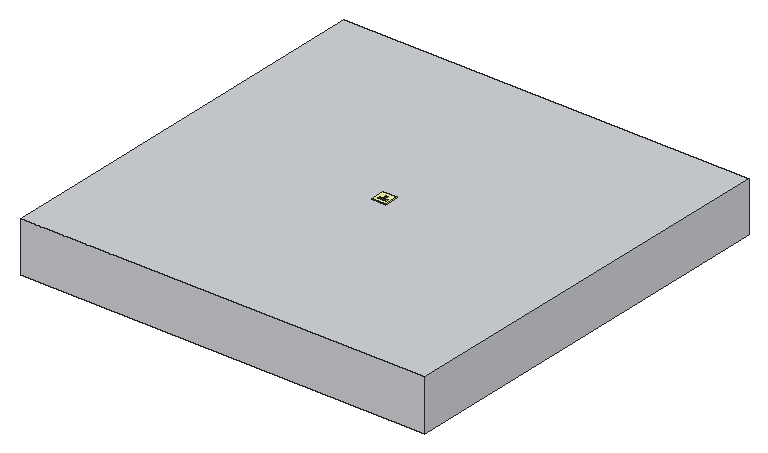
Revit family "EP_Single 13A Floor Socket", category Electrical Fixtures, host Face, Revit 2013
Parameters
  soc = Face Plate
  Voltage = 230 V
  Plate = Face Plate
  Load Classification = Single Socket
  Load = 200 W
  Default Elevation = 1200 mm
Reference planes
  plane 1 "Center (Front/Back)": y = 0
  plane 2: z = 0
  plane 3 "Center (Left/Right)": x = 0
  plane 4: x = -43
  plane 5: x = 43
  plane 6: y = 43
  plane 7: y = -43
  plane 8 "Switch": z = 4
Forms (mm)
  Extrusion 1, solid
    sketch origin (0, 0, 0) x (1, 0, 0) y (0, 1, 0)
      loop
        line (-1219.2, 1219.2) -> (-1219.2, -1219.2) -> (1219.2, -1219.2) -> (1219.2, 1219.2) -> (-1219.2, 1219.2)
    from 0 to -304.8
  Extrusion 2, solid, material "Face Plate" <- "soc"
    sketch origin (0, 0, 0) x (1, 0, 0) y (0, 1, 0)
      loop
        line (-43, -43) -> (43, -43) -> (43, 43) -> (-43, 43) -> (-43, -43)
    from 0 to 4
  Extrusion 3, solid, material "Face Plate" <- "soc"
    sketch origin (0, 0, 0) x (1, 0, 0) y (0, 1, 0)
      loop
        line (-23, -6) -> (-23, -18) -> (23, -18) -> (23, -6) -> (5, -6) -> (5, 20) -> (-5, 20) -> (-5, -6) -> (-23, -6)
    from 4 to 5
  Extrusion 4, void
    sketch origin (0, 0, 0) x (1, 0, 0) y (0, 1, 0)
      loop
        line (-17, -9.618) -> (-17, -14) -> (-5, -14) -> (-5, -9.618) -> (-17, -9.618)
    from 0 to 9
  Extrusion 5, void
    sketch origin (0, 0, 0) x (-1, 0, 0) y (0, -1, 0)
      loop
        line (-17, 9.618) -> (-5, 9.618) -> (-5, 14) -> (-17, 14) -> (-17, 9.618)
    from 0 to 9
  Extrusion 6, void
    sketch origin (0, 0, 0) x (1, 0, 0) y (0, 1, 0)
      loop
        line (2, 15.984) -> (-2, 15.984) -> (-2, 4) -> (2, 4) -> (2, 15.984)
    from 0 to 9
Cuts and joins
  Extrusion 4, Extrusion 5, Extrusion 6 cuts Extrusion 2
  Extrusion 4, Extrusion 5, Extrusion 6 cuts Extrusion 3
Dimensions and locks
  plane 4 to plane 3 "Center (Left/Right)" to plane 5 = 43 mm, 43 mm
  aligned and locked: plane 2 to Extrusion 1
  aligned and locked: level to Extrusion 1
Nested families
  nested 1: "EP_SP_FSO" at (0, 0, 0), type "EP_SP_FSO"
Connectors
  electrical at (0, 0, 0), driven by "Load Classification"
    settings: on cut or joined group of Extrusion 2, Extrusion 4, Extrusion 5, Extrusion 6, index 1, voltage 230 V, apparent load 0 W, apparent load phase1 200 W, apparent load phase2 0 W, apparent load phase3 0 W, power factor 1, load classification "Single Socket", number of poles 1, system type 31, power factor state 1, is connector primary yes, connector utility no, sub classification motor no, connector description ""
Definition of nested family "EP_SP_FSO"
  Reference planes
    plane 1: y = 0
    plane 2: x = 0
  Lines and regions (mm)
    detail lines, style "Power Symbols"
      curve 1: line (-1.494, 0.361, 0) -> (1.506, 0.361, 0)
      curve 2: arc (1.506, 0.361, 0) -> (0.006, 1.861, 0) -> (-1.494, 0.361, 0) r 1.5
      curve 3: line (0, 1.861, 0) -> (0, 3.111, 0)
      curve 4: line (-0.5, 2.596, 0) -> (0.5, 2.596, 0)
      curve 5: line (-1.75, 0, 0) -> (1.75, 0, 0)
      curve 6: line (-1.75, 3.5, 0) -> (-1.75, 0, 0)
      curve 7: line (1.75, 3.5, 0) -> (-1.75, 3.5, 0)
      curve 8: line (1.75, 0, 0) -> (1.75, 3.5, 0)
